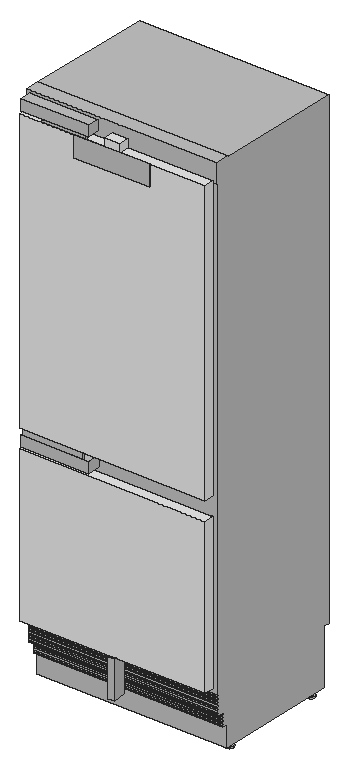
Revit family "FP_Revit_18_RS3084WLU1_Fridge_90001081A", category Specialty Equipment, Revit 2018 (continued)
Definition of nested family "Handle Professional Round - Vertical"
  Automatic sketch dimensions
    Sweep 5 sketch curve to profile plane = 3 mm  (x2)
    Extrusion 6 sketch curve to plane 3 "Center (Left/Right)" = 0 mm
    Extrusion 6 sketch curve to plane 3 "Center (Left/Right)" = 18.5 mm
    plane 1 "Center (Front/Back)" to Extrusion 6 sketch curve = 41.7 mm
    Extrusion 6 sketch curve to Extrusion 6 sketch curve = 41.7 mm
    Extrusion 7 sketch curve to plane 3 "Center (Left/Right)" = 0 mm
    Extrusion 7 sketch curve to plane 3 "Center (Left/Right)" = 18.5 mm
    plane 1 "Center (Front/Back)" to Extrusion 7 sketch curve = 41.7 mm
    Extrusion 7 sketch curve to Extrusion 7 sketch curve = 41.7 mm
    radius of Extrusion 3 sketch curve = 12.7 mm
Definition of nested family "Handle Professional Round Flush - Vertical"
  Parameters (values of type "AHP3-RD84 - Professional round flush handle (Vertical) 677mm")
    URL = "www.fisherpaykel.com"
    Material - Handle = none
    Manufacturer = "Fisher & Paykel Appliances"
    Handle - Length = 677 mm
  Types (4): name
    (no name)
    AHP3RD2484W - Professional round flush handle (1 of 2) (Vertical) 677mm
    AHP3RD3084W - Professional round flush handle (1 of 2) (Vertical) 677mm
    AHP3-RD84 - Professional round flush handle (Vertical) 677mm
  Reference planes
    plane 1 "Center (Front/Back)": y = 0
    plane 2: z = 0
    plane 3 "Center (Left/Right)": x = 0
    plane 4 "Top": z = 338.5
    plane 5 "Bottom": z = -338.5
    plane 6 "Top Standoff": z = 303.5
    plane 7 "Bottom Standoff": z = -303.5
  Forms (mm)
    Extrusion 1, solid, material <- "Material - Handle", detail levels fine
      sketch origin (0, 0, 0) x (1, 0, 0) y (0, 1, 0)
        loop
          arc (-12.817, -46.665) -> (0, -58.016) -> (12.817, -46.665) r 12.912
          line (12.817, -46.665) -> (18.5, 0) -> (-18.5, 0) -> (-12.817, -46.665)
      from 303.5 to 338.5
    Extrusion 2, solid, material <- "Material - Handle", detail levels fine
      sketch origin (0, 0, 0) x (1, 0, 0) y (0, 1, 0)
        loop
          arc (-12.817, -46.665) -> (0, -58.016) -> (12.817, -46.665) r 12.912
          line (12.817, -46.665) -> (18.5, 0) -> (-18.5, 0) -> (-12.817, -46.665)
      from -338.5 to -303.5
    Extrusion 3, solid, material <- "Material - Handle"
      sketch origin (0, 0, 0) x (1, 0, 0) y (0, 1, 0)
        loop
          circle (0, -45.116) r 12.7
      from -303.5 to 303.5
    Sweep 4, void
      path in 3D
        loop
          line (18.5, 0, 338.5) -> (12.817, -46.665, 338.5)
          arc (12.817, -46.665, 338.5) -> (0, -58.016, 338.5) -> (-12.817, -46.665, 338.5) r 12.912
          line (-12.817, -46.665, 338.5) -> (-18.5, 0, 338.5)
      profile origin (0, -58.016, 338.5) x (0, -1, 0) y (0, 0, 1)
        loop
          line (0, 0) -> (-1.5, 0) -> (0, -1.5) -> (0, 0)
    Sweep 5, void
      path in 3D
        loop
          line (-18.5, 0, -338.5) -> (-12.817, -46.665, -338.5)
          arc (-12.817, -46.665, -338.5) -> (0, -58.016, -338.5) -> (12.817, -46.665, -338.5) r 12.912
          line (12.817, -46.665, -338.5) -> (18.5, 0, -338.5)
      profile origin (0, -58.016, -338.5) x (0, -1, 0) y (0, 0, -1)
        loop
          line (0, 0) -> (-1.5, 0) -> (0, -1.5) -> (0, 0)
    Extrusion 6, solid, material <- "Material - Handle", detail levels coarse+medium
      sketch origin (0, 0, 0) x (1, 0, 0) y (0, 1, 0)
        loop
          arc (-12.817, -46.665) -> (0, -58.016) -> (12.817, -46.665) r 12.912
          line (12.817, -46.665) -> (18.5, 0) -> (-18.5, 0) -> (-12.817, -46.665)
      from 303.5 to 338.5
    Extrusion 7, solid, material <- "Material - Handle", detail levels coarse+medium
      sketch origin (0, 0, 0) x (1, 0, 0) y (0, 1, 0)
        loop
          arc (-12.817, -46.665) -> (0, -58.016) -> (12.817, -46.665) r 12.912
          line (12.817, -46.665) -> (18.5, 0) -> (-18.5, 0) -> (-12.817, -46.665)
      from -338.5 to -303.5
  Cuts and joins
    Sweep 4 cuts Extrusion 1
    Sweep 5 cuts Extrusion 2
  Lines and regions (mm)
    sketch lines
      curve 1: arc (12.817, -46.665, 338.5) -> (0, -58.016, 338.5) -> (-12.817, -46.665, 338.5) r 12.912
      curve 2: line (12.817, -46.665, 338.5) -> (18.5, 0, 338.5)
      curve 3: line (-18.5, 0, 338.5) -> (-12.817, -46.665, 338.5)
      curve 4: arc (-12.817, -46.665, -338.5) -> (0, -58.016, -338.5) -> (12.817, -46.665, -338.5) r 12.912
      curve 5: line (18.5, 0, -338.5) -> (12.817, -46.665, -338.5)
      curve 6: line (-12.817, -46.665, -338.5) -> (-18.5, 0, -338.5)
  Dimensions and locks
    equal spacing: plane 4 "Top", level, plane 5 "Bottom"
    "Handle - Length": plane 4 "Top" to plane 5 "Bottom"
    aligned and locked: level to plane 2
    aligned and locked: plane 4 "Top" to Extrusion 1
    aligned and locked: Extrusion 1 to plane 6 "Top Standoff"
    aligned and locked: Extrusion 2 to plane 5 "Bottom"
    aligned and locked: plane 1 "Center (Front/Back)" to Extrusion 2 sketch curve
    aligned and locked: plane 6 "Top Standoff" to Extrusion 3
    aligned and locked: Extrusion 3 to plane 7 "Bottom Standoff"
  Automatic sketch dimensions
    plane 1 "Center (Front/Back)" to Extrusion 1 sketch curve = 0 mm
    Extrusion 1 sketch curve to plane 3 "Center (Left/Right)" = 0 mm
    Extrusion 1 sketch curve to plane 3 "Center (Left/Right)" = 12.817 mm
    Extrusion 1 sketch curve to plane 3 "Center (Left/Right)" = 18.5 mm
    plane 3 "Center (Left/Right)" to Extrusion 1 sketch curve = 12.817 mm
    plane 3 "Center (Left/Right)" to Extrusion 1 sketch curve = 18.5 mm
    plane 1 "Center (Front/Back)" to Extrusion 1 sketch curve = 45.104 mm
    Extrusion 1 sketch curve to Extrusion 1 sketch curve = 1.561 mm
    Extrusion 2 sketch curve to plane 3 "Center (Left/Right)" = 0 mm
    Extrusion 2 sketch curve to plane 3 "Center (Left/Right)" = 12.817 mm
    Extrusion 2 sketch curve to plane 3 "Center (Left/Right)" = 18.5 mm
    plane 3 "Center (Left/Right)" to Extrusion 2 sketch curve = 12.817 mm
    plane 3 "Center (Left/Right)" to Extrusion 2 sketch curve = 18.5 mm
    plane 1 "Center (Front/Back)" to Extrusion 2 sketch curve = 45.104 mm
    Extrusion 2 sketch curve to Extrusion 2 sketch curve = 1.561 mm
    Extrusion 3 sketch curve to plane 3 "Center (Left/Right)" = 0 mm
    plane 1 "Center (Front/Back)" to Extrusion 3 sketch curve = 45.116 mm
    Sweep 4 sketch curve to profile plane = 0 mm  (x2)
    profile plane to Sweep 4 sketch curve = 1.5 mm
    Sweep 4 sketch curve to profile plane = 1.5 mm
    profile plane to Sweep 5 sketch curve = 0 mm
    Sweep 5 sketch curve to profile plane = 0 mm
    profile plane to Sweep 5 sketch curve = 1.5 mm
    Sweep 5 sketch curve to profile plane = 1.5 mm
    Extrusion 6 sketch curve to plane 3 "Center (Left/Right)" = 0 mm
    Extrusion 6 sketch curve to plane 3 "Center (Left/Right)" = 12.817 mm
    Extrusion 6 sketch curve to plane 3 "Center (Left/Right)" = 18.5 mm
    plane 3 "Center (Left/Right)" to Extrusion 6 sketch curve = 12.817 mm
    plane 3 "Center (Left/Right)" to Extrusion 6 sketch curve = 18.5 mm
    plane 1 "Center (Front/Back)" to Extrusion 6 sketch curve = 46.665 mm
    Extrusion 6 sketch curve to Extrusion 6 sketch curve = 1.561 mm
    Extrusion 6 sketch curve to Extrusion 6 sketch curve = 46.665 mm
    Extrusion 7 sketch curve to plane 3 "Center (Left/Right)" = 0 mm
    Extrusion 7 sketch curve to plane 3 "Center (Left/Right)" = 12.817 mm
    Extrusion 7 sketch curve to plane 3 "Center (Left/Right)" = 18.5 mm
    plane 3 "Center (Left/Right)" to Extrusion 7 sketch curve = 12.817 mm
    plane 3 "Center (Left/Right)" to Extrusion 7 sketch curve = 18.5 mm
    plane 1 "Center (Front/Back)" to Extrusion 7 sketch curve = 46.665 mm
    Extrusion 7 sketch curve to Extrusion 7 sketch curve = 1.561 mm
    Extrusion 7 sketch curve to Extrusion 7 sketch curve = 46.665 mm
    radius of Extrusion 3 sketch curve = 12.7 mm
Definition of nested family "Handle Professional Square - Vertical"
  Parameters (values of type "AHV2RS3272A - Professional square handle (1 of 2) (Vertical) 727mm")
    URL = "www.fisherpaykel.com"
    Material - Handle = none
    Manufacturer = "Fisher & Paykel Appliances"
    Handle - Length = 727 mm
  Types (5, lengths in mm): name | Handle - Length
    (no name) | 727
    AHV2RD2484W - Professional square handle (1 of 2) (Vertical) 727mm | 727
    AHV2RD3084W - Professional square handle (1 of 2) (Vertical) 727mm | 727
    AHV2-RD84 - Professional square handle (Vertical) 792mm | 792
    AHV2RS3272A - Professional square handle (1 of 2) (Vertical) 727mm | 727
  Reference planes
    plane 1 "Center (Front/Back)": y = 0
    plane 2: z = 0
    plane 3 "Center (Left/Right)": x = 0
    plane 4 "Top": z = 363.5
    plane 5 "Bottom": z = -363.5
    plane 6 "Top Standoff": z = 313.5
    plane 7 "Bottom Standoff": z = -313.5
  Forms (mm)
    Extrusion 1, solid, material <- "Material - Handle", detail levels fine
      sketch origin (0, 0, 0) x (0, 1, 0) y (0, 0, 1)
        loop
          line (0, 363.5) -> (-40, 363.5)
          arc (-40, 363.5) -> (-47.071, 360.571) -> (-50, 353.5) r 10
          line (-50, 353.5) -> (-50, 313.5) -> (0, 313.5) -> (0, 363.5)
        loop
          line (0, -363.5) -> (0, -313.5) -> (-50, -313.5) -> (-50, -353.5)
          arc (-50, -353.5) -> (-47.071, -360.571) -> (-40, -363.5) r 10
          line (-40, -363.5) -> (0, -363.5)
      from -17.5 to 17.5
    Sweep 2, void
      path in 3D
        loop
          line (17.5, 0, 363.5) -> (17.5, -40, 363.5)
          arc (17.5, -40, 363.5) -> (17.5, -47.071, 360.571) -> (17.5, -50, 353.5) r 10
          line (17.5, -50, 353.5) -> (17.5, -50, 313.5)
      profile origin (17.5, -20, 363.5) x (1, 0, 0) y (0, 0, 1)
        loop
          line (0, 0) -> (-2.5, 0) -> (0, -2.5) -> (0, 0)
    Sweep 3, void
      path in 3D
        loop
          line (-17.5, -50, 313.5) -> (-17.5, -50, 353.5)
          arc (-17.5, -50, 353.5) -> (-17.5, -47.071, 360.571) -> (-17.5, -40, 363.5) r 10
          line (-17.5, -40, 363.5) -> (-17.5, 0, 363.5)
      profile origin (-17.5, -20, 363.5) x (-1, 0, 0) y (0, 0, 1)
        loop
          line (0, 0) -> (-2.5, 0) -> (0, -2.5) -> (0, 0)
    Sweep 4, void
      path in 3D
        loop
          line (17.5, -50, -313.5) -> (17.5, -50, -353.5)
          arc (17.5, -50, -353.5) -> (17.5, -47.071, -360.571) -> (17.5, -40, -363.5) r 10
          line (17.5, -40, -363.5) -> (17.5, 0, -363.5)
      profile origin (17.5, -20, -363.5) x (1, 0, 0) y (0, 0, -1)
        loop
          line (0, 0) -> (-2.5, 0) -> (0, -2.5) -> (0, 0)
    Sweep 5, void
      path in 3D
        loop
          line (-17.5, 0, -363.5) -> (-17.5, -40, -363.5)
          arc (-17.5, -40, -363.5) -> (-17.5, -47.071, -360.571) -> (-17.5, -50, -353.5) r 10
          line (-17.5, -50, -353.5) -> (-17.5, -50, -313.5)
      profile origin (-17.5, -20, -363.5) x (-1, 0, 0) y (0, 0, -1)
        loop
          line (0, 0) -> (-2.5, 0) -> (0, -2.5) -> (0, 0)
    Extrusion 6, solid, material <- "Material - Handle", detail levels fine
      sketch origin (0, 0, 0) x (1, 0, 0) y (0, 1, 0)
        loop
          line (-15.5, -36.737) -> (-15.5, -46.422) -> (-14.172, -47.75) -> (14.172, -47.75) -> (15.5, -46.422) -> (15.5, -36.737)
          arc (15.5, -36.737) -> (0, -32.25) -> (-15.5, -36.737) r 29.013
      from -313.5 to 313.5
    Extrusion 7, solid, material <- "Material - Handle", detail levels coarse+medium
      sketch origin (0, 0, 0) x (0, 1, 0) y (0, 0, 1)
        loop
          line (0, 363.5) -> (-40, 363.5)
          arc (-40, 363.5) -> (-47.071, 360.571) -> (-50, 353.5) r 10
          line (-50, 353.5) -> (-50, -353.5)
          arc (-50, -353.5) -> (-47.071, -360.571) -> (-40, -363.5) r 10
          line (-40, -363.5) -> (0, -363.5) -> (0, -313.5) -> (-31.95, -313.5) -> (-31.95, 313.5) -> (0, 313.5) -> (0, 363.5)
      from -17.5 to 17.5
  Cuts and joins
    Sweep 2, Sweep 3, Sweep 4, Sweep 5 cuts Extrusion 1
  Lines and regions (mm)
    sketch lines
      curve 1: line (17.5, 0, 363.5) -> (17.5, -40, 363.5)
      curve 2: arc (17.5, -50, 353.5) -> (17.5, -47.071, 360.571) -> (17.5, -40, 363.5) r 10
      curve 3: line (17.5, -50, 353.5) -> (17.5, -50, 313.5)
      curve 4: line (-17.5, -40, 363.5) -> (-17.5, 0, 363.5)
      curve 5: arc (-17.5, -40, 363.5) -> (-17.5, -47.071, 360.571) -> (-17.5, -50, 353.5) r 10
      curve 6: line (-17.5, -50, 313.5) -> (-17.5, -50, 353.5)
      curve 7: line (17.5, -40, -363.5) -> (17.5, 0, -363.5)
      curve 8: arc (17.5, -40, -363.5) -> (17.5, -47.071, -360.571) -> (17.5, -50, -353.5) r 10
      curve 9: line (17.5, -50, -313.5) -> (17.5, -50, -353.5)
      curve 10: line (-17.5, 0, -363.5) -> (-17.5, -40, -363.5)
      curve 11: arc (-17.5, -50, -353.5) -> (-17.5, -47.071, -360.571) -> (-17.5, -40, -363.5) r 10
      curve 12: line (-17.5, -50, -353.5) -> (-17.5, -50, -313.5)
  Dimensions and locks
    equal spacing: plane 4 "Top", level, plane 5 "Bottom"
    "Handle - Length": plane 4 "Top" to plane 5 "Bottom"
    plane 7 "Bottom Standoff" to plane 5 "Bottom" = 50 mm
    plane 4 "Top" to plane 6 "Top Standoff" = 50 mm
    aligned and locked: level to plane 2
    aligned and locked: plane 4 "Top" to Extrusion 1 sketch curve
    aligned and locked: plane 5 "Bottom" to Extrusion 1 sketch curve
    aligned and locked: Extrusion 1 sketch curve to plane 1 "Center (Front/Back)"
    aligned and locked: plane 1 "Center (Front/Back)" to Extrusion 1 sketch curve
    aligned and locked: plane 6 "Top Standoff" to Extrusion 1 sketch curve
    aligned and locked: plane 7 "Bottom Standoff" to Extrusion 1 sketch curve
    aligned and locked: plane 6 "Top Standoff" to Extrusion 6
    aligned and locked: Extrusion 6 to plane 7 "Bottom Standoff"
    aligned and locked: plane 4 "Top" to Extrusion 7 sketch curve
    aligned and locked: plane 6 "Top Standoff" to Extrusion 7 sketch curve
    aligned and locked: plane 1 "Center (Front/Back)" to Extrusion 7 sketch curve
    aligned and locked: plane 7 "Bottom Standoff" to Extrusion 7 sketch curve
    aligned and locked: plane 5 "Bottom" to Extrusion 7 sketch curve
    aligned and locked: Extrusion 7 sketch curve to plane 1 "Center (Front/Back)"
  Automatic sketch dimensions
    Sweep 2 sketch curve to profile plane = 0 mm
    profile plane to Sweep 2 sketch curve = 0 mm
    profile plane to Sweep 2 sketch curve = 2.5 mm
    Sweep 2 sketch curve to profile plane = 2.5 mm
    Sweep 3 sketch curve to profile plane = 0 mm  (x2)
    profile plane to Sweep 3 sketch curve = 2.5 mm
    Sweep 3 sketch curve to profile plane = 2.5 mm
    Sweep 4 sketch curve to profile plane = 0 mm
    profile plane to Sweep 4 sketch curve = 0 mm
    profile plane to Sweep 4 sketch curve = 2.5 mm
    Sweep 4 sketch curve to profile plane = 2.5 mm
    Sweep 5 sketch curve to profile plane = 0 mm  (x2)
    profile plane to Sweep 5 sketch curve = 2.5 mm
    Sweep 5 sketch curve to profile plane = 2.5 mm
    plane 1 "Center (Front/Back)" to Extrusion 1 sketch curve = 40 mm  (x2)
    Extrusion 1 sketch curve to Extrusion 1 sketch curve = 10 mm  (x2)
    Extrusion 6 sketch curve to plane 3 "Center (Left/Right)" = 0 mm
    Extrusion 6 sketch curve to Extrusion 6 sketch curve = 1.328 mm  (x4)
    plane 1 "Center (Front/Back)" to Extrusion 6 sketch curve = 61.263 mm
    Extrusion 6 sketch curve to Extrusion 6 sketch curve = 13.513 mm
    Extrusion 6 sketch curve to Extrusion 6 sketch curve = 9.684 mm  (x2)
    Extrusion 6 sketch curve to plane 3 "Center (Left/Right)" = 14.172 mm
    plane 1 "Center (Front/Back)" to Extrusion 7 sketch curve = 31.95 mm
    plane 1 "Center (Front/Back)" to Extrusion 7 sketch curve = 40 mm  (x2)
    Extrusion 7 sketch curve to plane 4 "Top" = 10 mm
Definition of nested family "Handle Contemporary Round - Horizontal"
  Parameters (values of type "AHSRS80A - Contemporary round handle (2 of 2) (Horizontal) 646mm")
    URL = "www.fisherpaykel.com"
    Product - Width = 646 mm
    Material - Handle = none
    Manufacturer = "Fisher & Paykel Appliances"
  Types (5, lengths in mm): name | Product - Width
    (no name) | 646
    AHSRD2484W - Contemporary round handle (2 of 2) (Horizontal) 494mm | 494
    AHSRD3084W - Contemporary round handle (2 of 2) (Horizontal) 646mm | 646
    AHSRS3272A - Contemporary round handle (2 of 2) (Horizontal) 646mm | 646
    AHSRS80A - Contemporary round handle (2 of 2) (Horizontal) 646mm | 646
  Reference planes
    plane 1 "Center (Front/Back)": y = 0
    plane 2: z = 0
    plane 3 "Center (Left/Right)": x = 0
    plane 4 "Product LHS": x = -323
    plane 5 "Product RHS": x = 323
    plane 6 "LHS Standoff": x = -202.995
    plane 7 "RHS Standoff": x = 203.005
  Forms (mm)
    Extrusion 1, solid, material <- "Material - Handle"
      sketch origin (0, 0, 0) x (0, 1, 0) y (0, 0, 1)
        loop
          circle (-32.3, 0) r 8.7
      from -202.995 to 203.005
    Extrusion 2, solid, material <- "Material - Handle", detail levels fine
      sketch origin (0, 0, 0) x (0, 1, 0) y (0, 0, 1)
        loop
          line (0, 8.7) -> (-32.3, 8.7)
          arc (-32.3, 8.7) -> (-41, 0) -> (-32.3, -8.7) r 8.7
          line (-32.3, -8.7) -> (0, -8.7) -> (0, 8.7)
      from 203.005 to 323
    Extrusion 3, solid, material <- "Material - Handle", detail levels fine
      sketch origin (0, 0, 0) x (0, 1, 0) y (0, 0, -1)
        loop
          line (0, -8.7) -> (0, 8.7) -> (-32.3, 8.7)
          arc (-32.3, 8.7) -> (-41, 0) -> (-32.3, -8.7) r 8.7
          line (-32.3, -8.7) -> (0, -8.7)
      from 202.995 to 323
    Sweep 4, void
      path in 3D
        loop
          line (323, 0, 8.7) -> (323, -32.3, 8.7)
          arc (323, -32.3, 8.7) -> (323, -41, 0) -> (323, -32.3, -8.7) r 8.7
          line (323, -32.3, -8.7) -> (323, 0, -8.7)
      profile origin (323, -16.15, 8.7) x (1, 0, 0) y (0, 0, 1)
        loop
          line (0, 0) -> (-1, 0) -> (0, -1) -> (0, 0)
    Sweep 5, void
      path in 3D
        loop
          line (-323, 0, -8.7) -> (-323, -32.3, -8.7)
          arc (-323, -32.3, -8.7) -> (-323, -41, 0) -> (-323, -32.3, 8.7) r 8.7
          line (-323, -32.3, 8.7) -> (-323, 0, 8.7)
      profile origin (-323, -16.15, 8.7) x (-1, 0, 0) y (0, 0, 1)
        loop
          line (0, 0) -> (-1, 0) -> (0, -1) -> (0, 0)
    Extrusion 6, solid, material <- "Material - Handle", detail levels coarse+medium
      sketch origin (0, 0, 0) x (0, 1, 0) y (0, 0, 1)
        loop
          line (0, 8.7) -> (-32.3, 8.7)
          arc (-32.3, 8.7) -> (-41, 0) -> (-32.3, -8.7) r 8.7
          line (-32.3, -8.7) -> (0, -8.7) -> (0, 8.7)
      from 203.005 to 323
    Extrusion 7, solid, material <- "Material - Handle", detail levels coarse+medium
      sketch origin (0, 0, 0) x (0, 1, 0) y (0, 0, -1)
        loop
          line (0, -8.7) -> (0, 8.7) -> (-32.3, 8.7)
          arc (-32.3, 8.7) -> (-41, 0) -> (-32.3, -8.7) r 8.7
          line (-32.3, -8.7) -> (0, -8.7)
      from 202.995 to 323
  Cuts and joins
    Sweep 4 cuts Extrusion 2
    Sweep 5 cuts Extrusion 3
  Lines and regions (mm)
    sketch lines
      curve 1: line (323, 0, 8.7) -> (323, -32.3, 8.7)
      curve 2: arc (323, -32.3, -8.7) -> (323, -41, 0) -> (323, -32.3, 8.7) r 8.7
      curve 3: line (323, -32.3, -8.7) -> (323, 0, -8.7)
      curve 4: line (-323, -32.3, 8.7) -> (-323, 0, 8.7)
      curve 5: arc (-323, -32.3, 8.7) -> (-323, -41, 0) -> (-323, -32.3, -8.7) r 8.7
      curve 6: line (-323, 0, -8.7) -> (-323, -32.3, -8.7)
  Dimensions and locks
    equal spacing: plane 4 "Product LHS", plane 3 "Center (Left/Right)", plane 5 "Product RHS"
    "Product - Width": plane 4 "Product LHS" to plane 5 "Product RHS"
    locked: plane 4 "Product LHS" to plane 6 "LHS Standoff" at 120.005
    locked: plane 7 "RHS Standoff" to plane 5 "Product RHS" at 119.995
    equal spacing: Extrusion 2 sketch curve, level, Extrusion 2 sketch curve
    Extrusion 3 sketch curve to Extrusion 3 sketch curve = 17.4 mm
    Extrusion 6 sketch curve to Extrusion 6 sketch curve = 17.4 mm
    Extrusion 7 sketch curve to Extrusion 7 sketch curve = 17.4 mm
    aligned and locked: level to plane 2
    aligned and locked: plane 7 "RHS Standoff" to Extrusion 1
    aligned and locked: Extrusion 2 to Extrusion 1
    aligned and locked: Extrusion 2 to plane 5 "Product RHS"
    aligned and locked: plane 4 "Product LHS" to Extrusion 3
    aligned and locked: plane 6 "LHS Standoff" to Extrusion 3
    aligned and locked: Extrusion 1 to plane 6 "LHS Standoff"
    aligned and locked: Extrusion 6 to Extrusion 1
    aligned and locked: Extrusion 6 to plane 5 "Product RHS"
    aligned and locked: plane 4 "Product LHS" to Extrusion 7
    aligned and locked: Extrusion 7 to Extrusion 1
  Automatic sketch dimensions
    Extrusion 1 sketch curve to level = 0 mm
    plane 1 "Center (Front/Back)" to Extrusion 1 sketch curve = 32.3 mm
    Extrusion 2 sketch curve to plane 1 "Center (Front/Back)" = 0 mm
    Extrusion 2 sketch curve to level = 8.7 mm
    plane 1 "Center (Front/Back)" to Extrusion 2 sketch curve = 32.3 mm
    Extrusion 3 sketch curve to level = 0 mm
    Extrusion 3 sketch curve to plane 1 "Center (Front/Back)" = 0 mm
    Extrusion 3 sketch curve to level = 8.7 mm
    plane 1 "Center (Front/Back)" to Extrusion 3 sketch curve = 32.3 mm
    Sweep 4 sketch curve to profile plane = 0 mm
    profile plane to Sweep 4 sketch curve = 0 mm
    profile plane to Sweep 4 sketch curve = 1 mm
    Sweep 4 sketch curve to profile plane = 1 mm
    Sweep 5 sketch curve to profile plane = 0 mm  (x2)
    profile plane to Sweep 5 sketch curve = 1 mm
    Sweep 5 sketch curve to profile plane = 1 mm
    Extrusion 6 sketch curve to level = 0 mm
    level to Extrusion 6 sketch curve = 8.7 mm
    plane 1 "Center (Front/Back)" to Extrusion 6 sketch curve = 32.3 mm
    Extrusion 6 sketch curve to Extrusion 6 sketch curve = 32.3 mm
    Extrusion 7 sketch curve to level = 0 mm
    level to Extrusion 7 sketch curve = 8.7 mm
    plane 1 "Center (Front/Back)" to Extrusion 7 sketch curve = 32.3 mm
    Extrusion 7 sketch curve to Extrusion 7 sketch curve = 32.3 mm
    radius of Extrusion 1 sketch curve = 8.7 mm
Definition of nested family "Handle Contemporary Square - Horizontal"
  Parameters (values of type "AHD3RD3084W - Contemporary square handle (2 of 2) (Horizontal) 646mm")
    URL = "www.fisherpaykel.com"
    Material - Handle = none
    Manufacturer = "Fisher & Paykel Appliances"
    Handle - Length = 646 mm
  Types (5, lengths in mm): name | Handle - Length
    (no name) | 646
    AHD3RD2484W - Contemporary square handle (2 of 2) (Horizontal) 494mm | 494
    AHD3RD3084W - Contemporary square handle (2 of 2) (Horizontal) 646mm | 646
    AHD3RS3272A - Contemporary square handle (2 of 2) (Horizontal) 646mm | 646
    AHD3RS80A - Contemporary square handle (2 of 2) (Horizontal) 646mm | 646
  Reference planes
    plane 1 "Center (Front/Back)": y = 0
    plane 2: z = 0
    plane 3 "Center (Left/Right)": x = 0
    plane 4 "Product LHS": x = -323
    plane 5 "Product RHS": x = 323
    plane 6 "LHS Standoff": x = -202.995
    plane 7 "RHS Standoff": x = 203.005
  Forms (mm)
    Extrusion 1, solid, material <- "Material - Handle", detail levels fine
      sketch origin (0, 0, 0) x (0, 1, 0) y (0, 0, 1)
        loop
          arc (-28.701, 7.561) -> (-29.057, 7.868) -> (-29.514, 7.978) r 1
          line (-29.514, 7.978) -> (-40.5, 7.978)
          arc (-40.5, 7.978) -> (-41.561, 7.539) -> (-42, 6.478) r 1.5
          line (-42, 6.478) -> (-42, -6.522)
          arc (-42, -6.522) -> (-41.561, -7.583) -> (-40.5, -8.022) r 1.5
          line (-40.5, -8.022) -> (-29.487, -8.022)
          arc (-29.487, -8.022) -> (-29.029, -7.911) -> (-28.673, -7.602) r 1
          arc (-28.673, -7.602) -> (-26.256, -0.016) -> (-28.701, 7.561) r 13.038
      from -323 to 323
    Extrusion 2, solid, material <- "Material - Handle", detail levels fine
      sketch origin (0, 0, 0) x (0, 1, 0) y (0, 0, 1)
        loop
          arc (-28.23, 7.062) -> (-26.156, 0.008) -> (-28.198, -7.056) r 13.136
          arc (-28.198, -7.056) -> (-28.21, -7.463) -> (-27.86, -7.67) r 0.4
          line (-27.86, -7.67) -> (0, -7.67) -> (0, 7.678) -> (-27.893, 7.678)
          arc (-27.893, 7.678) -> (-28.244, 7.47) -> (-28.23, 7.062) r 0.4
      from 203.005 to 323
    Extrusion 3, solid, material <- "Material - Handle", detail levels fine
      sketch origin (0, 0, 0) x (0, 1, 0) y (0, 0, -1)
        loop
          arc (-28.23, -7.062) -> (-28.244, -7.47) -> (-27.893, -7.678) r 0.4
          line (-27.893, -7.678) -> (0, -7.678) -> (0, 7.67) -> (-27.86, 7.67)
          arc (-27.86, 7.67) -> (-28.21, 7.463) -> (-28.198, 7.056) r 0.4
          arc (-28.198, 7.056) -> (-26.156, -0.008) -> (-28.23, -7.062) r 13.136
      from 202.995 to 323
    Sweep 4, void
      path in 3D
        loop
          line (323, -29.514, 7.978) -> (323, -40.5, 7.978)
          arc (323, -40.5, 7.978) -> (323, -41.561, 7.539) -> (323, -42, 6.478) r 1.5
          line (323, -42, 6.478) -> (323, -42, -6.522)
          arc (323, -42, -6.522) -> (323, -41.561, -7.583) -> (323, -40.5, -8.022) r 1.5
          line (323, -40.5, -8.022) -> (323, -29.487, -8.022)
      profile origin (323, -35.007, 7.978) x (1, 0, 0) y (0, 0, 1)
        loop
          line (0, 0) -> (-1.3, 0) -> (0, -1.3) -> (0, 0)
    Sweep 5, void
      path in 3D
        loop
          line (-323, -29.487, -8.022) -> (-323, -40.5, -8.022)
          arc (-323, -40.5, -8.022) -> (-323, -41.561, -7.583) -> (-323, -42, -6.522) r 1.5
          line (-323, -42, -6.522) -> (-323, -42, 6.478)
          arc (-323, -42, 6.478) -> (-323, -41.561, 7.539) -> (-323, -40.5, 7.978) r 1.5
          line (-323, -40.5, 7.978) -> (-323, -29.514, 7.978)
      profile origin (-323, -35.007, 7.978) x (-1, 0, 0) y (0, 0, 1)
        loop
          line (0, 0) -> (-1.3, 0) -> (0, -1.3) -> (0, 0)
    Extrusion 6, void
      sketch origin (0, 0, 0) x (1, 0, 0) y (0, 0, 1)
        loop
          line (323, 7.978) -> (321.7, 7.978) -> (323, 6.678) -> (323, 7.978)
        loop
          line (323, -8.022) -> (323, -6.722) -> (321.7, -8.022) -> (323, -8.022)
      from 0 to 40
    Extrusion 7, void
      sketch origin (0, 0, 0) x (1, 0, 0) y (0, 0, 1)
        loop
          line (-323, 7.978) -> (-323, 6.678) -> (-321.7, 7.978) -> (-323, 7.978)
        loop
          line (-323, -8.022) -> (-321.7, -8.022) -> (-323, -6.722) -> (-323, -8.022)
      from 0 to 40
    Extrusion 8, solid, material <- "Material - Handle", detail levels coarse+medium
      sketch origin (0, 0, 0) x (1, 0, 0) y (0, 1, 0)
        loop
          line (-323, -42) -> (323, -42) -> (323, 0) -> (203.005, 0) -> (203.005, -26.156) -> (-202.995, -26.156) -> (-202.995, 0) -> (-323, 0) -> (-323, -42)
      from -8.022 to 7.978
  Cuts and joins
    Sweep 4, Sweep 5, Extrusion 6, Extrusion 7 cuts Extrusion 1
    Extrusion 6 cuts Extrusion 2
    Extrusion 7 cuts Extrusion 3
  Lines and regions (mm)
    sketch lines
      curve 1: line (323, -29.514, 7.978) -> (323, -40.5, 7.978)
      curve 2: arc (323, -42, 6.478) -> (323, -41.561, 7.539) -> (323, -40.5, 7.978) r 1.5
      curve 3: line (323, -42, 6.478) -> (323, -42, -6.522)
      curve 4: arc (323, -40.5, -8.022) -> (323, -41.561, -7.583) -> (323, -42, -6.522) r 1.5
      curve 5: line (323, -40.5, -8.022) -> (323, -29.487, -8.022)
      curve 6: line (-323, -40.5, 7.978) -> (-323, -29.514, 7.978)
      curve 7: arc (-323, -40.5, 7.978) -> (-323, -41.561, 7.539) -> (-323, -42, 6.478) r 1.5
      curve 8: line (-323, -42, -6.522) -> (-323, -42, 6.478)
      curve 9: arc (-323, -42, -6.522) -> (-323, -41.561, -7.583) -> (-323, -40.5, -8.022) r 1.5
      curve 10: line (-323, -29.487, -8.022) -> (-323, -40.5, -8.022)
  Dimensions and locks
    equal spacing: plane 4 "Product LHS", plane 3 "Center (Left/Right)", plane 5 "Product RHS"
    "Handle - Length": plane 4 "Product LHS" to plane 5 "Product RHS"
    locked: plane 4 "Product LHS" to plane 6 "LHS Standoff" at 120.005
    locked: plane 7 "RHS Standoff" to plane 5 "Product RHS" at 119.995
    aligned and locked: level to plane 2
    aligned and locked: Extrusion 1 to plane 5 "Product RHS"
    aligned and locked: plane 4 "Product LHS" to Extrusion 1
    aligned and locked: Extrusion 2 to plane 5 "Product RHS"
    aligned and locked: plane 4 "Product LHS" to Extrusion 3
    aligned and locked: plane 4 "Product LHS" to Extrusion 8 sketch curve
    aligned and locked: Extrusion 8 sketch curve to plane 5 "Product RHS"
    aligned and locked: Extrusion 8 sketch curve to plane 7 "RHS Standoff"
    aligned and locked: plane 6 "LHS Standoff" to Extrusion 8 sketch curve
    aligned and locked: Extrusion 2 to plane 7 "RHS Standoff"
    aligned and locked: plane 6 "LHS Standoff" to Extrusion 3
  Automatic sketch dimensions
    Extrusion 1 sketch curve to level = 6.522 mm
    plane 1 "Center (Front/Back)" to Extrusion 1 sketch curve = 42 mm
    Extrusion 1 sketch curve to Extrusion 1 sketch curve = 1.5 mm  (x2)
    Extrusion 1 sketch curve to level = 0.04 mm
    Extrusion 1 sketch curve to Extrusion 1 sketch curve = 1.206 mm
    level to Extrusion 1 sketch curve = 6.978 mm
    Extrusion 1 sketch curve to Extrusion 1 sketch curve = 10.986 mm
    Extrusion 1 sketch curve to Extrusion 1 sketch curve = 11.013 mm
    Extrusion 1 sketch curve to Extrusion 1 sketch curve = 1 mm
    level to Extrusion 1 sketch curve = 6.478 mm
    Extrusion 1 sketch curve to Extrusion 1 sketch curve = 0 mm
    Extrusion 2 sketch curve to plane 1 "Center (Front/Back)" = 0 mm
    Extrusion 2 sketch curve to level = 7.67 mm
    Extrusion 2 sketch curve to Extrusion 2 sketch curve = 27.86 mm
    level to Extrusion 2 sketch curve = 7.678 mm
    Extrusion 2 sketch curve to Extrusion 2 sketch curve = 0.033 mm
    Extrusion 2 sketch curve to level = 0.022 mm
    Extrusion 2 sketch curve to Extrusion 2 sketch curve = 11.398 mm
    Extrusion 2 sketch curve to Extrusion 2 sketch curve = 0.4 mm  (x2)
    Extrusion 2 sketch curve to Extrusion 2 sketch curve = 0 mm
    Extrusion 3 sketch curve to plane 1 "Center (Front/Back)" = 0 mm
    Extrusion 3 sketch curve to level = 7.67 mm
    Extrusion 3 sketch curve to Extrusion 3 sketch curve = 27.86 mm
    level to Extrusion 3 sketch curve = 7.678 mm
    Extrusion 3 sketch curve to Extrusion 3 sketch curve = 0.033 mm
    Extrusion 3 sketch curve to level = 0.022 mm
    Extrusion 3 sketch curve to Extrusion 3 sketch curve = 11.398 mm
    Extrusion 3 sketch curve to Extrusion 3 sketch curve = 0.4 mm  (x2)
    Extrusion 3 sketch curve to Extrusion 3 sketch curve = 0 mm
    profile plane to Sweep 4 sketch curve = 0 mm
    Sweep 4 sketch curve to profile plane = 0 mm
    Sweep 4 sketch curve to profile plane = 1.3 mm
    profile plane to Sweep 4 sketch curve = 1.3 mm
    Sweep 5 sketch curve to profile plane = 0 mm  (x2)
    profile plane to Sweep 5 sketch curve = 1.3 mm
    Sweep 5 sketch curve to profile plane = 1.3 mm
    plane 5 "Product RHS" to Extrusion 6 sketch curve = 0 mm  (x2)
    Extrusion 6 sketch curve to Extrusion 6 sketch curve = 1.3 mm  (x4)
    Extrusion 6 sketch curve to level = 6.722 mm
    level to Extrusion 6 sketch curve = 6.678 mm
    plane 4 "Product LHS" to Extrusion 7 sketch curve = 0 mm  (x2)
    Extrusion 7 sketch curve to plane 4 "Product LHS" = 1.3 mm  (x2)
    Extrusion 7 sketch curve to level = 8.022 mm
    level to Extrusion 7 sketch curve = 6.678 mm
    Extrusion 7 sketch curve to Extrusion 7 sketch curve = 1.3 mm  (x2)
    plane 1 "Center (Front/Back)" to Extrusion 8 sketch curve = 0 mm  (x2)
    Extrusion 8 sketch curve to Extrusion 8 sketch curve = 26.156 mm
    Extrusion 8 sketch curve to Extrusion 8 sketch curve = 42 mm
Definition of nested family "F&P Handle Kit - Contemporary Square Fine - Horizontal"
  Parameters (values of type "AHD5RD2484W - Contemporary square fine handle (2 of 2) (Horizontal) 494mm")
    URL = "www.fisherpaykel.com"
    Material - Handle = none
    Manufacturer = "Fisher & Paykel Appliances"
    Handle - Length = 494 mm
  Types (15, lengths in mm): name | Handle - Length
    (no name) | 494
    AHD5RD2484W - Contemporary square fine handle (2 of 2) (Horizontal) 494mm | 494
    AHD5RD2484WB - Contemporary square fine black handle (2 of 2) (Horizontal) 494mm | 494
    AHD5RD3084W - Contemporary square fine handle (2 of 2) (Horizontal) 646mm | 646
    AHD5RD3084WB - Contemporary square fine black handle (2 of 2) (Horizontal) 646mm | 646
    AHD5RD7621W - Contemporary square fine handle (2 of 2) (Horizontal) 646mm | 646
    AHD5RD7621WB - Contemporary square fine handle black (2 of 2) (Horizontal) 646mm | 646
    AHD5RD6121W - Contemporary square fine handle (2 of 2) (Horizontal) 494mm | 494
    AHD5RD6121WB - Contemporary square fine handle black (2 of 2) (Horizontal) 494mm | 494
    AHD5RD36A - Contemporary square fine handle (2 of 2) (Horizontal) 746mm | 746
    AHD5RD36AB - Contemporary square fine black handle (2 of 2) (Horizontal) 746mm | 746
    AHD5RD90A - Contemporary square fine handle (2 of 2) (Horizontal) 746mm | 746
    AHD5RD80A - Contemporary square fine handle (2 of 2) (Horizontal) 646mm | 646
    AHD5RD80AB - Contemporary square fine black handle (2 of 2) (Horizontal) 646mm | 646
    AHD5RD90AB - Contemporary square fine black handle (2 of 2) (Horizontal) 746mm | 746
  Reference planes
    plane 1 "Center (Front/Back)": y = 0
    plane 2: z = 0
    plane 3 "Center (Left/Right)": x = 0
    plane 4 "Product LHS": x = -247
    plane 5 "Product RHS": x = 247
    plane 6 "LHS Standoff": x = -126.995
    plane 7 "RHS Standoff": x = 127.005
  Forms (mm)
    Extrusion 1, solid, material <- "Material - Handle", detail levels fine
      sketch origin (0, 0, 0) x (0, 1, 0) y (0, 0, 1)
        loop
          arc (-26.813, 6.16) -> (-27.196, 6.554) -> (-27.728, 6.686) r 1
          line (-27.728, 6.686) -> (-40.035, 6.256)
          arc (-40.035, 6.256) -> (-40.719, 5.951) -> (-41, 5.257) r 1
          line (-41, 5.257) -> (-41, -5.257)
          arc (-41, -5.257) -> (-40.719, -5.951) -> (-40.035, -6.256) r 1
          line (-40.035, -6.256) -> (-27.709, -6.686)
          arc (-27.709, -6.686) -> (-27.175, -6.554) -> (-26.792, -6.158) r 1
          arc (-26.792, -6.158) -> (-25.256, 0.004) -> (-26.813, 6.16) r 13.038
      from -247 to 247
    Extrusion 2, solid, material <- "Material - Handle", detail levels fine
      sketch origin (0, 0, 0) x (0, 1, 0) y (0, 0, 1)
        loop
          arc (-26.626, -6.008) -> (-26.614, -6.49) -> (-26.2, -6.737) r 0.5
          line (-26.2, -6.737) -> (0, -7.696) -> (0, 7.704) -> (-26.174, 6.747)
          arc (-26.174, 6.747) -> (-26.587, 6.5) -> (-26.6, 6.019) r 0.5
          arc (-26.6, 6.019) -> (-25.156, 0.002) -> (-26.626, -6.008) r 13.136
      from 127.005 to 247
    Extrusion 3, solid, material <- "Material - Handle", detail levels coarse+medium
      sketch origin (0, 0, 0) x (1, 0, 0) y (0, 1, 0)
        loop
          line (-247, -42) -> (247, -42) -> (247, 0) -> (127.005, 0) -> (127.005, -26.156) -> (-126.995, -26.156) -> (-126.995, 0) -> (-247, 0) -> (-247, -42)
      from -8.022 to 7.978
    Extrusion 4, solid, material <- "Material - Handle", detail levels fine
      sketch origin (0, 0, 0) x (0, 1, 0) y (0, 0, 1)
        loop
          arc (-26.626, -6.008) -> (-26.614, -6.49) -> (-26.2, -6.737) r 0.5
          line (-26.2, -6.737) -> (0, -7.696) -> (0, 7.704) -> (-26.174, 6.747)
          arc (-26.174, 6.747) -> (-26.587, 6.5) -> (-26.6, 6.019) r 0.5
          arc (-26.6, 6.019) -> (-25.156, 0.002) -> (-26.626, -6.008) r 13.136
      from -247 to -126.995
  Dimensions and locks
    equal spacing: plane 4 "Product LHS", plane 3 "Center (Left/Right)", plane 5 "Product RHS"
    "Handle - Length": plane 4 "Product LHS" to plane 5 "Product RHS"
    locked: plane 4 "Product LHS" to plane 6 "LHS Standoff" at 120.005
    locked: plane 7 "RHS Standoff" to plane 5 "Product RHS" at 119.995
    aligned and locked: level to plane 2
    aligned and locked: Extrusion 1 to plane 5 "Product RHS"
    aligned and locked: plane 4 "Product LHS" to Extrusion 1
    aligned and locked: Extrusion 2 to plane 5 "Product RHS"
    aligned and locked: plane 4 "Product LHS" to Extrusion 3 sketch curve
    aligned and locked: Extrusion 3 sketch curve to plane 5 "Product RHS"
    aligned and locked: Extrusion 3 sketch curve to plane 7 "RHS Standoff"
    aligned and locked: plane 6 "LHS Standoff" to Extrusion 3 sketch curve
    aligned and locked: plane 4 "Product LHS" to Extrusion 4
    aligned and locked: plane 6 "LHS Standoff" to Extrusion 4
    aligned and locked: Extrusion 2 to plane 7 "RHS Standoff"
  Automatic sketch dimensions
    Extrusion 1 sketch curve to level = 5.257 mm
    plane 1 "Center (Front/Back)" to Extrusion 1 sketch curve = 41 mm
    level to Extrusion 1 sketch curve = 6.256 mm
    Extrusion 1 sketch curve to Extrusion 1 sketch curve = 0.965 mm  (x2)
    Extrusion 1 sketch curve to level = 6.256 mm
    Extrusion 1 sketch curve to Extrusion 1 sketch curve = 0.035 mm  (x3)
    Extrusion 1 sketch curve to level = 0.018 mm
    Extrusion 1 sketch curve to Extrusion 1 sketch curve = 1.706 mm
    level to Extrusion 1 sketch curve = 6.686 mm
    Extrusion 1 sketch curve to Extrusion 1 sketch curve = 12.307 mm
    Extrusion 1 sketch curve to level = 6.686 mm
    Extrusion 1 sketch curve to Extrusion 1 sketch curve = 12.326 mm
    Extrusion 1 sketch curve to Extrusion 1 sketch curve = 0.999 mm  (x2)
    Extrusion 1 sketch curve to Extrusion 1 sketch curve = 0 mm
    Extrusion 2 sketch curve to plane 1 "Center (Front/Back)" = 0 mm
    level to Extrusion 2 sketch curve = 6.247 mm
    plane 1 "Center (Front/Back)" to Extrusion 2 sketch curve = 26.155 mm
    level to Extrusion 2 sketch curve = 6.747 mm
    Extrusion 2 sketch curve to Extrusion 2 sketch curve = 0.018 mm  (x2)
    Extrusion 2 sketch curve to level = 6.238 mm
    Extrusion 2 sketch curve to Extrusion 2 sketch curve = 0.026 mm
    Extrusion 2 sketch curve to level = 6.737 mm
    level to Extrusion 2 sketch curve = 0.03 mm
    Extrusion 2 sketch curve to Extrusion 2 sketch curve = 12.11 mm
    Extrusion 2 sketch curve to level = 7.696 mm
    level to Extrusion 2 sketch curve = 7.704 mm
    Extrusion 2 sketch curve to Extrusion 2 sketch curve = 0 mm
    plane 1 "Center (Front/Back)" to Extrusion 3 sketch curve = 42 mm
    Extrusion 3 sketch curve to Extrusion 3 sketch curve = 15.844 mm
    Extrusion 3 sketch curve to Extrusion 3 sketch curve = 26.156 mm  (x2)
    level to Extrusion 4 sketch curve = 0.03 mm
    plane 1 "Center (Front/Back)" to Extrusion 4 sketch curve = 38.291 mm
    Extrusion 4 sketch curve to level = 6.737 mm
    Extrusion 4 sketch curve to Extrusion 4 sketch curve = 12.091 mm
    Extrusion 4 sketch curve to Extrusion 4 sketch curve = 0.018 mm  (x2)
    level to Extrusion 4 sketch curve = 6.747 mm
    Extrusion 4 sketch curve to Extrusion 4 sketch curve = 0.008 mm
    level to Extrusion 4 sketch curve = 7.704 mm
    Extrusion 4 sketch curve to Extrusion 4 sketch curve = 26.174 mm
    Extrusion 4 sketch curve to level = 7.696 mm
    Extrusion 4 sketch curve to Extrusion 4 sketch curve = 0.5 mm  (x2)
    Extrusion 4 sketch curve to Extrusion 4 sketch curve = 0 mm
Definition of nested family "Handle Professional Round - Horizontal"
  Parameters (values of type "AHCRD2484W - Professional round handle (2 of 2) (Horizontal) 428mm")
    URL = "www.fisherpaykel.com"
    Material - Standoff = none
    Material - Handle = none
    Manufacturer = "Fisher & Paykel Appliances"
    Handle - Length = 428 mm
  Types (4, lengths in mm): name | Handle - Length
    (no name) | 428
    AHCRD2484W - Professional round handle (2 of 2) (Horizontal) 428mm | 428
    AHCRD3084W - Professional round handle (2 of 2) (Horizontal) 580mm | 646
    AHCRS3272A - Professional round handle (2 of 2) (Horizontal) 580mm | 646
  Reference planes
    plane 1 "Center (Front/Back)": y = 0
    plane 2: z = 0
    plane 3 "Center (Left/Right)": x = 0
    plane 4 "Product LHS": x = -214
    plane 5 "Product RHS": x = 214
    plane 6 "LHS Standoff": x = -170
    plane 7 "RHS Standoff": x = 170
  Forms (mm)
    Extrusion 1, solid, material <- "Material - Standoff", detail levels fine
      sketch origin (0, 0, 0) x (0, 1, 0) y (0, 0, 1)
        loop
          line (0, 18.5) -> (-41.7, 18.5)
          arc (-41.7, 18.5) -> (-60.2, 0) -> (-41.7, -18.5) r 18.5
          line (-41.7, -18.5) -> (0, -18.5) -> (0, 18.5)
      from 170 to 214
    Extrusion 2, solid, material <- "Material - Standoff", detail levels fine
      sketch origin (0, 0, 0) x (0, 1, 0) y (0, 0, 1)
        loop
          line (0, 18.5) -> (-41.7, 18.5)
          arc (-41.7, 18.5) -> (-60.2, 0) -> (-41.7, -18.5) r 18.5
          line (-41.7, -18.5) -> (0, -18.5) -> (0, 18.5)
      from -214 to -170
    Sweep 3, void
      path in 3D
        loop
          line (214, 0, 18.5) -> (214, -41.7, 18.5)
          arc (214, -41.7, 18.5) -> (214, -60.2, 0) -> (214, -41.7, -18.5) r 18.5
          line (214, -41.7, -18.5) -> (214, 0, -18.5)
      profile origin (214, -20.85, 18.5) x (1, 0, 0) y (0, 0, 1)
        loop
          line (0, 0) -> (-3, 0) -> (0, -3) -> (0, 0)
    Sweep 4, void
      path in 3D
        loop
          line (-214, 0, -18.5) -> (-214, -41.7, -18.5)
          arc (-214, -41.7, -18.5) -> (-214, -60.2, 0) -> (-214, -41.7, 18.5) r 18.5
          line (-214, -41.7, 18.5) -> (-214, 0, 18.5)
      profile origin (-214, -20.85, 18.5) x (-1, 0, 0) y (0, 0, 1)
        loop
          line (0, 0) -> (-3, 0) -> (0, -3) -> (0, 0)
    Extrusion 5, solid, material <- "Material - Handle"
      sketch origin (0, -2.3, 0) x (0, 1, 0) y (0, 0, 1)
        loop
          circle (-39.4, 0) r 12.7
      from -170 to 170
    Extrusion 6, solid, material <- "Material - Standoff", detail levels coarse+medium
      sketch origin (0, 0, 0) x (0, 1, 0) y (0, 0, 1)
        loop
          line (0, 18.5) -> (-41.7, 18.5)
          arc (-41.7, 18.5) -> (-60.2, 0) -> (-41.7, -18.5) r 18.5
          line (-41.7, -18.5) -> (0, -18.5) -> (0, 18.5)
      from 214 to 170
    Extrusion 7, solid, material <- "Material - Standoff", detail levels coarse+medium
      sketch origin (0, 0, 0) x (0, 1, 0) y (0, 0, 1)
        loop
          line (0, 18.5) -> (-41.7, 18.5)
          arc (-41.7, 18.5) -> (-60.2, 0) -> (-41.7, -18.5) r 18.5
          line (-41.7, -18.5) -> (0, -18.5) -> (0, 18.5)
      from -170 to -214
  Cuts and joins
    Sweep 3 cuts Extrusion 1
    Sweep 4 cuts Extrusion 2
  Lines and regions (mm)
    sketch lines
      curve 1: line (214, 0, 18.5) -> (214, -41.7, 18.5)
      curve 2: arc (214, -41.7, -18.5) -> (214, -60.2, 0) -> (214, -41.7, 18.5) r 18.5
      curve 3: line (214, -41.7, -18.5) -> (214, 0, -18.5)
      curve 4: line (-214, -41.7, 18.5) -> (-214, 0, 18.5)
      curve 5: arc (-214, -41.7, 18.5) -> (-214, -60.2, 0) -> (-214, -41.7, -18.5) r 18.5
      curve 6: line (-214, 0, -18.5) -> (-214, -41.7, -18.5)
  Dimensions and locks
    equal spacing: plane 4 "Product LHS", plane 3 "Center (Left/Right)", plane 5 "Product RHS"
    "Handle - Length": plane 4 "Product LHS" to plane 5 "Product RHS"
    plane 4 "Product LHS" to plane 6 "LHS Standoff" = 44 mm
    plane 7 "RHS Standoff" to plane 5 "Product RHS" = 44 mm
    aligned and locked: level to plane 2
    aligned and locked: Extrusion 1 to plane 7 "RHS Standoff"
    aligned and locked: Extrusion 1 to plane 5 "Product RHS"
    aligned and locked: plane 4 "Product LHS" to Extrusion 2
    aligned and locked: plane 6 "LHS Standoff" to Extrusion 2
    aligned and locked: Extrusion 5 to plane 6 "LHS Standoff"
    aligned and locked: plane 7 "RHS Standoff" to Extrusion 5
    aligned and locked: plane 5 "Product RHS" to Extrusion 6
    aligned and locked: plane 7 "RHS Standoff" to Extrusion 6
    aligned and locked: Extrusion 7 to plane 4 "Product LHS"
    aligned and locked: Extrusion 7 to plane 6 "LHS Standoff"
  Automatic sketch dimensions
    Extrusion 1 sketch curve to level = 0 mm
    Extrusion 1 sketch curve to plane 1 "Center (Front/Back)" = 0 mm
    Extrusion 1 sketch curve to level = 18.5 mm
    plane 1 "Center (Front/Back)" to Extrusion 1 sketch curve = 41.7 mm
    Extrusion 2 sketch curve to level = 0 mm
    Extrusion 2 sketch curve to plane 1 "Center (Front/Back)" = 0 mm
    Extrusion 2 sketch curve to level = 18.5 mm
    plane 1 "Center (Front/Back)" to Extrusion 2 sketch curve = 41.7 mm
    Sweep 3 sketch curve to profile plane = 0 mm
    profile plane to Sweep 3 sketch curve = 0 mm
    profile plane to Sweep 3 sketch curve = 3 mm
    Sweep 3 sketch curve to profile plane = 3 mm
    Sweep 4 sketch curve to profile plane = 0 mm  (x2)
    profile plane to Sweep 4 sketch curve = 3 mm
    Sweep 4 sketch curve to profile plane = 3 mm
    Extrusion 5 sketch curve to level = 0 mm
    plane 1 "Center (Front/Back)" to Extrusion 5 sketch curve = 41.7 mm
    Extrusion 6 sketch curve to level = 0 mm
    level to Extrusion 6 sketch curve = 18.5 mm
    plane 1 "Center (Front/Back)" to Extrusion 6 sketch curve = 41.7 mm
    Extrusion 6 sketch curve to Extrusion 6 sketch curve = 41.7 mm
    Extrusion 7 sketch curve to level = 0 mm
    level to Extrusion 7 sketch curve = 18.5 mm
    plane 1 "Center (Front/Back)" to Extrusion 7 sketch curve = 41.7 mm
    Extrusion 7 sketch curve to Extrusion 7 sketch curve = 41.7 mm
    radius of Extrusion 5 sketch curve = 12.7 mm
Definition of nested family "Handle Professional Round Flush - Horizontal"
  Parameters (values of type "AHP3RD36W - Professional round flush handle (2 of 2) (Horizontal) 727mm")
    URL = "www.fisherpaykel.com"
    Material - Handle = none
    Manufacturer = "Fisher & Paykel Appliances"
    Handle - Length = 727 mm
  Types (3, lengths in mm): name | Handle - Length
    AHP3RD2484W - Professional round flush handle (2 of 2) (Horizontal) 443mm | 443
    AHP3RD3084W - Professional round flush handle (2 of 2) (Horizontal) 596mm | 596
    AHP3RD36W - Professional round flush handle (2 of 2) (Horizontal) 727mm | 727
  Reference planes
    plane 1 "Center (Front/Back)": y = 0
    plane 2: z = 0
    plane 3 "Center (Left/Right)": x = 0
    plane 4 "Product LHS": x = -363.5
    plane 5 "Product RHS": x = 363.5
    plane 6 "LHS Standoff": x = -303.5
    plane 7 "RHS Standoff": x = 303.5
  Forms (mm)
    Extrusion 1, solid, material <- "Material - Handle", detail levels fine
      sketch origin (0, 0, 0) x (0, 1, 0) y (0, 0, 1)
        loop
          line (0, 12.8) -> (-45.117, 12.8)
          arc (-45.117, 12.8) -> (-57.807, 1.671) -> (-48.43, -12.364) r 12.8
          line (-48.43, -12.364) -> (0, -25.341) -> (0, 12.8)
      from 303.5 to 363.5
    Extrusion 2, solid, material <- "Material - Handle"
      sketch origin (0, 0, 0) x (0, 1, 0) y (0, 0, 1)
        loop
          circle (-45.117, 0) r 12.8
      from -303.5 to 303.5
    Sweep 3, void
      path origin (363.5, 0, 0) x (0, -1, 0) y (0, 0, 1)
        loop
          line (-1, 12.8) -> (45.117, 12.8)
          arc (45.117, 12.8) -> (57.807, 1.671) -> (48.43, -12.364) r 12.8
          line (48.43, -12.364) -> (-1, -25.609)
      profile origin (363.5, -22.058, 12.8) x (0, 0, 1) y (-1, 0, 0)
        loop
          line (1, -1) -> (1, 2.6) -> (-2.6, -1) -> (1, -1)
    Extrusion 4, solid, material <- "Material - Handle", detail levels fine
      sketch origin (0, 0, 0) x (0, 1, 0) y (0, 0, -1)
        loop
          line (0, -12.8) -> (0, 25.341) -> (-48.43, 12.364)
          arc (-48.43, 12.364) -> (-57.807, -1.671) -> (-45.117, -12.8) r 12.8
          line (-45.117, -12.8) -> (0, -12.8)
      from 303.5 to 363.5
    Sweep 5, void
      path origin (-363.5, 0, 0) x (0, -1, 0) y (0, 0, -1)
        loop
          line (-1, -12.8) -> (45.117, -12.8)
          arc (45.117, -12.8) -> (57.807, -1.671) -> (48.43, 12.364) r 12.8
          line (48.43, 12.364) -> (-1, 25.609)
      profile origin (-363.5, -22.058, 12.8) x (0, 0, -1) y (1, 0, 0)
        loop
          line (-1, -1) -> (2.6, -1) -> (-1, 2.6) -> (-1, -1)
    Extrusion 6, solid, material <- "Material - Handle", detail levels coarse+medium
      sketch origin (0, 0, 0) x (0, 1, 0) y (0, 0, 1)
        loop
          line (0, 12.8) -> (-45.117, 12.8)
          arc (-45.117, 12.8) -> (-57.807, 1.671) -> (-48.43, -12.364) r 12.8
          line (-48.43, -12.364) -> (0, -25.341) -> (0, 12.8)
      from 303.5 to 363.5
    Extrusion 7, solid, material <- "Material - Handle", detail levels coarse+medium
      sketch origin (0, 0, 0) x (0, 1, 0) y (0, 0, -1)
        loop
          line (0, -12.8) -> (0, 25.341) -> (-48.43, 12.364)
          arc (-48.43, 12.364) -> (-57.807, -1.671) -> (-45.117, -12.8) r 12.8
          line (-45.117, -12.8) -> (0, -12.8)
      from 303.5 to 363.5
  Cuts and joins
    Sweep 3, Sweep 5 cuts Extrusion 1
    Sweep 5 cuts Extrusion 4
  Dimensions and locks
    equal spacing: plane 4 "Product LHS", plane 3 "Center (Left/Right)", plane 5 "Product RHS"
    "Handle - Length": plane 4 "Product LHS" to plane 5 "Product RHS"
    plane 7 "RHS Standoff" to plane 5 "Product RHS" = 60 mm
    plane 4 "Product LHS" to plane 6 "LHS Standoff" = 60 mm
    aligned and locked: level to plane 2
    aligned and locked: Extrusion 1 to plane 5 "Product RHS"
    aligned and locked: Extrusion 1 to plane 7 "RHS Standoff"
    aligned and locked: plane 6 "LHS Standoff" to Extrusion 4
    aligned and locked: plane 4 "Product LHS" to Extrusion 4
    aligned and locked: plane 7 "RHS Standoff" to Extrusion 2
    aligned and locked: Extrusion 2 to plane 6 "LHS Standoff"
    aligned and locked: plane 6 "LHS Standoff" to Extrusion 7
    aligned and locked: plane 4 "Product LHS" to Extrusion 7
    aligned and locked: Extrusion 6 to plane 7 "RHS Standoff"
    aligned and locked: Extrusion 6 to plane 5 "Product RHS"
  Automatic sketch dimensions
    Extrusion 1 sketch curve to level = 0 mm
    Extrusion 1 sketch curve to plane 1 "Center (Front/Back)" = 0 mm
    plane 1 "Center (Front/Back)" to Extrusion 1 sketch curve = 45.117 mm
    Extrusion 1 sketch curve to level = 12.364 mm
    Extrusion 1 sketch curve to Extrusion 1 sketch curve = 3.313 mm
    Extrusion 1 sketch curve to level = 25.341 mm
    Sweep 3 sketch curve to level = 0 mm
    plane 1 "Center (Front/Back)" to Sweep 3 sketch curve = 45.117 mm
    Sweep 3 sketch curve to level = 12.364 mm
    Sweep 3 sketch curve to Sweep 3 sketch curve = 3.313 mm
    Sweep 3 sketch curve to plane 1 "Center (Front/Back)" = 1 mm  (x2)
    Sweep 3 sketch curve to level = 25.609 mm
    Sweep 3 sketch curve to plane 5 "Product RHS" = 1 mm
    profile plane to Sweep 3 sketch curve = 2.6 mm
    Sweep 3 sketch curve to profile plane = 1 mm
    plane 5 "Product RHS" to Sweep 3 sketch curve = 2.6 mm
    Extrusion 4 sketch curve to level = 0 mm
    Extrusion 4 sketch curve to plane 1 "Center (Front/Back)" = 0 mm
    plane 1 "Center (Front/Back)" to Extrusion 4 sketch curve = 45.117 mm
    Extrusion 4 sketch curve to level = 12.364 mm
    Extrusion 4 sketch curve to Extrusion 4 sketch curve = 3.313 mm
    Extrusion 4 sketch curve to level = 25.341 mm
    Sweep 5 sketch curve to level = 0 mm
    plane 1 "Center (Front/Back)" to Sweep 5 sketch curve = 45.117 mm
    Sweep 5 sketch curve to level = 12.364 mm
    Sweep 5 sketch curve to Sweep 5 sketch curve = 3.313 mm
    Sweep 5 sketch curve to plane 1 "Center (Front/Back)" = 1 mm  (x2)
    Sweep 5 sketch curve to level = 25.609 mm
    profile plane to Sweep 5 sketch curve = 1 mm
    Sweep 5 sketch curve to profile plane = 1 mm
    Sweep 5 sketch curve to profile plane = 2.6 mm
    profile plane to Sweep 5 sketch curve = 2.6 mm
    Extrusion 6 sketch curve to level = 0 mm
    Extrusion 6 sketch curve to level = 12.364 mm
    plane 1 "Center (Front/Back)" to Extrusion 6 sketch curve = 48.43 mm
    level to Extrusion 6 sketch curve = 12.8 mm
    Extrusion 6 sketch curve to Extrusion 6 sketch curve = 45.117 mm
    Extrusion 6 sketch curve to level = 25.341 mm
    Extrusion 7 sketch curve to level = 0 mm
    Extrusion 7 sketch curve to level = 12.364 mm
    plane 1 "Center (Front/Back)" to Extrusion 7 sketch curve = 48.43 mm
    level to Extrusion 7 sketch curve = 12.8 mm
    Extrusion 7 sketch curve to Extrusion 7 sketch curve = 45.117 mm
    Extrusion 7 sketch curve to level = 25.341 mm
    Extrusion 2 sketch curve to level = 0 mm
    plane 1 "Center (Front/Back)" to Extrusion 2 sketch curve = 45.117 mm
    radius of Extrusion 2 sketch curve = 12.8 mm
Definition of nested family "Handle Professional Square - Horizontal"
  Parameters (values of type "AHV2RD3084W - Professional square handle (2 of 2) (Horizontal) 586mm")
    URL = "www.fisherpaykel.com"
    Material - Handle = none
    Manufacturer = "Fisher & Paykel Appliances"
    Handle - Length = 586 mm
  Types (4, lengths in mm): name | Handle - Length
    (no name) | 586
    AHV2RD2484W - Professional square handle (2 of 2) (Horizontal) 434mm | 434
    AHV2RD3084W - Professional square handle (2 of 2) (Horizontal) 586mm | 586
    AHV2RS3272A - Professional square handle (2 of 2) (Horizontal) 586mm | 586
  Reference planes
    plane 1 "Center (Front/Back)": y = 0
    plane 2: z = 0
    plane 3 "Center (Left/Right)": x = 0
    plane 4 "Product LHS": x = -293
    plane 5 "Product RHS": x = 293
    plane 6 "LHS Standoff": x = -243
    plane 7 "RHS Standoff": x = 243
  Forms (mm)
    Extrusion 1, solid, material <- "Material - Handle", detail levels fine
      sketch origin (0, 0, 0) x (1, 0, 0) y (0, 1, 0)
        loop
          line (-293, 0) -> (-293, -40)
          arc (-293, -40) -> (-290.071, -47.071) -> (-283, -50) r 10
          line (-283, -50) -> (-243, -50) -> (-243, 0) -> (-293, 0)
        loop
          line (293, 0) -> (243, 0) -> (243, -50) -> (283, -50)
          arc (283, -50) -> (290.071, -47.071) -> (293, -40) r 10
          line (293, -40) -> (293, 0)
      from -17.5 to 17.5
    Extrusion 2, solid, material <- "Material - Handle", detail levels fine
      sketch origin (0, 0, 0) x (0, 1, 0) y (0, 0, 1)
        loop
          line (-36.787, 15.5) -> (-46.472, 15.5) -> (-47.8, 14.172) -> (-47.8, -14.172) -> (-46.472, -15.5) -> (-36.787, -15.5)
          arc (-36.787, -15.5) -> (-32.3, 0) -> (-36.787, 15.5) r 29.013
      from -243 to 243
    Sweep 3, void
      path in 3D
        loop
          line (243, -50, 17.5) -> (283, -50, 17.5)
          arc (283, -50, 17.5) -> (290.071, -47.071, 17.5) -> (293, -40, 17.5) r 10
          line (293, -40, 17.5) -> (293, 0, 17.5)
      profile origin (293, -20, 17.5) x (-1, 0, 0) y (0, 0, 1)
        loop
          line (0, 0) -> (0, -2.5) -> (2.5, 0) -> (0, 0)
    Sweep 4, void
      path in 3D
        loop
          line (293, 0, -17.5) -> (293, -40, -17.5)
          arc (293, -40, -17.5) -> (290.071, -47.071, -17.5) -> (283, -50, -17.5) r 10
          line (283, -50, -17.5) -> (243, -50, -17.5)
      profile origin (293, -20, -17.5) x (-1, 0, 0) y (0, 0, -1)
        loop
          line (0, 0) -> (0, -2.5) -> (2.5, 0) -> (0, 0)
    Sweep 5, void
      path in 3D
        loop
          line (-293, 0, 17.5) -> (-293, -40, 17.5)
          arc (-293, -40, 17.5) -> (-290.071, -47.071, 17.5) -> (-283, -50, 17.5) r 10
          line (-283, -50, 17.5) -> (-243, -50, 17.5)
      profile origin (-293, -20, 17.5) x (1, 0, 0) y (0, 0, 1)
        loop
          line (0, 0) -> (0, -2.5) -> (2.5, 0) -> (0, 0)
    Sweep 6, void
      path in 3D
        loop
          line (-243, -50, -17.5) -> (-283, -50, -17.5)
          arc (-283, -50, -17.5) -> (-290.071, -47.071, -17.5) -> (-293, -40, -17.5) r 10
          line (-293, -40, -17.5) -> (-293, 0, -17.5)
      profile origin (-293, -20, -17.5) x (1, 0, 0) y (0, 0, -1)
        loop
          line (0, 0) -> (0, -2.5) -> (2.5, 0) -> (0, 0)
    Extrusion 7, solid, material <- "Material - Handle", detail levels coarse+medium
      sketch origin (0, 0, 0) x (1, 0, 0) y (0, 1, 0)
        loop
          line (-243, 0) -> (-293, 0) -> (-293, -40)
          arc (-293, -40) -> (-290.071, -47.071) -> (-283, -50) r 10
          line (-283, -50) -> (283, -50)
          arc (283, -50) -> (290.071, -47.071) -> (293, -40) r 10
          line (293, -40) -> (293, 0) -> (243, 0) -> (243, -32) -> (-243, -32) -> (-243, 0)
      from -17.5 to 17.5
  Cuts and joins
    Sweep 3, Sweep 4, Sweep 5, Sweep 6 cuts Extrusion 1
  Lines and regions (mm)
    sketch lines
      curve 1: line (293, -40, 17.5) -> (293, 0, 17.5)
      curve 2: arc (293, -40, 17.5) -> (290.071, -47.071, 17.5) -> (283, -50, 17.5) r 10
      curve 3: line (243, -50, 17.5) -> (283, -50, 17.5)
      curve 4: line (293, 0, -17.5) -> (293, -40, -17.5)
      curve 5: arc (283, -50, -17.5) -> (290.071, -47.071, -17.5) -> (293, -40, -17.5) r 10
      curve 6: line (283, -50, -17.5) -> (243, -50, -17.5)
      curve 7: line (-293, 0, 17.5) -> (-293, -40, 17.5)
      curve 8: arc (-283, -50, 17.5) -> (-290.071, -47.071, 17.5) -> (-293, -40, 17.5) r 10
      curve 9: line (-283, -50, 17.5) -> (-243, -50, 17.5)
      curve 10: line (-293, -40, -17.5) -> (-293, 0, -17.5)
      curve 11: arc (-293, -40, -17.5) -> (-290.071, -47.071, -17.5) -> (-283, -50, -17.5) r 10
      curve 12: line (-243, -50, -17.5) -> (-283, -50, -17.5)
  Dimensions and locks
    equal spacing: plane 4 "Product LHS", plane 3 "Center (Left/Right)", plane 5 "Product RHS"
    "Handle - Length": plane 4 "Product LHS" to plane 5 "Product RHS"
    plane 4 "Product LHS" to plane 6 "LHS Standoff" = 50 mm
